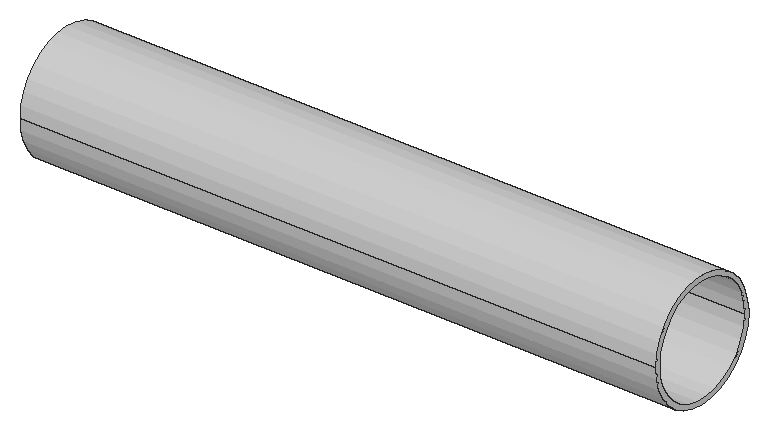
Revit family
Parameters (values of type "HSS8-3/4X.375")
  t = 0' - 0 89/256"
  W = 33.6
  Start Extension Calculation [instance] = 10' 0 1/2" + Start Extension  # 10' - 0"
  Start Extension [instance] = -0' - 0 1/2"
  End Extension Calculation [instance] = 10' 0 1/2" + End Extension  # 10' - 0"
  End Extension [instance] = -0' - 0 1/2"
  Beam Material [instance] = Metal - Steel - ASTM A500 - Grade B - Round
  Assembly Code = "B10"
  Length [instance] = 5' - 0"
  OD = 0' - 8 3/4"
  A = 9.20 in²
Reference planes (in)
  plane 1 "Center (Front/Back)": y = 0
  plane 2: z = 0
  plane 3 "Center (Left/Right)": x = 0.1815
  plane 4 "Member Left": x = -23.8185
  plane 5 "Member Right": x = 24.1815
  plane 6: y = 4.375
  plane 7: y = -4.375
  plane 8 "Top": z = 4.375
  plane 9: z = -4.375
  plane 10 "Left": x = -29.8185
  plane 11 "Right": x = 30.1815
  plane 12: x = -23.8185
  plane 13: x = 24.1815
  plane 14: x = 96.1815
  plane 15: x = -95.8185
Forms (in)
  Extrusion 1, solid, material "Metal - Steel - ASTM A500 - Grade B - Round" <- "Beam Material", detail levels medium+fine
    sketch origin (0.1815, 0, 0) x (0, 1, 0) y (0, 0, 1)
      loop
        circle (0, 0) r 4.375
      loop
        circle (0, 0) r 4.02734
    from -24 to 24
Lines and regions (in)
  symbolic lines, style "Stick Symbols", detail levels coarse
    curve 1: arc (0, 4.375, 0) -> (0, 0, -4.375) -> (0, -4.375, 0) r 4.375
    curve 2: arc (0, -4.375, 0) -> (0, 0, 4.375) -> (0, 4.375, 0) r 4.375
Dimensions and locks (in)
  "OD": plane 6 to plane 7
  "OD": plane 9 to plane 8 "Top"
  equal spacing: plane 9, plane 2, plane 8 "Top"
  equal spacing: plane 6, plane 1 "Center (Front/Back)", plane 7
  "Length": plane 10 "Left" to plane 11 "Right"
  "t": plane 6 to Extrusion 1 sketch curve
  "t": Extrusion 1 sketch curve to plane 7
  "Start Extension Calculation": plane 12 to plane 14
  "End Extension Calculation": plane 15 to plane 13
  locked: plane 4 "Member Left" to plane 14 at 120
  locked: plane 15 to plane 5 "Member Right" at 120
  aligned and locked: plane 12 to Extrusion 1
  aligned and locked: Extrusion 1 to plane 13
Automatic sketch dimensions
  curve 1 to level = 0' - 0"
  curve 1 to plane 7 = 0' - 0"
  curve 1 to plane 1 "Center (Front/Back)" = 0' - 0"
  Extrusion 1 sketch curve to Extrusion 1 sketch curve = 0' - 0"  (x2)
  Extrusion 1 sketch curve to level = 0' - 0"
  Extrusion 1 sketch curve to plane 7 = 0' - 0"
